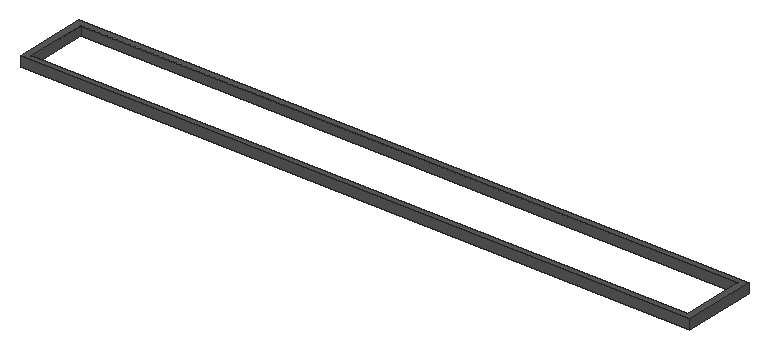
Revit family "FU_Frame_LAP0050", category Furniture, Revit 2022
Family settings
  OmniClass Number = 23.40.20.00
  OmniClass Title = General Furniture and Specialties
  Work Plane-Based = No
  Always vertical = Yes
  Cut with Voids When Loaded = No
  Render Appearance Source = Family Geometry
  Shared = No
  Room Calculation Point = No
Parameters (values of type "LAP0050")
  Width = 3450 mm
  URL = "https://www.sandlerseating.com/product/lapse-0050-2/"
  Model = "LAP0050"
  Manufacturer = "Sandler"
  Height = 50 mm
  Frame [instance] = Epoxy - M1_B00 - Black
  Description = "5-seat frame in the Lapse modular seating range that can be customized with a variety of modular elements and epoxy finishes."
  Depth = 380 mm
  Default Elevation = 0 mm
Reference planes
  plane 1 "Center (Front/Back)": y = 0
  plane 2: z = 0
  plane 3 "Center (Left/Right)": x = 0
  plane 4 "Right": x = -1725
  plane 5 "Left": x = 1725
  plane 6 "Back": y = 190
  plane 7 "Front": y = -190
  plane 8 "Height": z = 333
  plane 9 "Frame Base": z = 283
  plane 10 "Frame Inner Right": x = -1695
  plane 11 "Frame Inner Back": y = 160
  plane 12 "Frame Inner Left": x = 1695
  plane 13 "Frame Inner Front": y = -160
Forms (mm)
  Extrusion 1, solid, material "Epoxy - M1_B00 - Black" <- "Frame"
    sketch origin (0, 0, 283) x (-1, 0, 0) y (0, -1, 0)
      loop
        line (1725, -190) -> (1725, 190) -> (-1725, 190) -> (-1725, -190) -> (1725, -190)
      loop
        line (1695, -160) -> (1695, 160) -> (-1695, 160) -> (-1695, -160) -> (1695, -160)
    from 0 to 50
Dimensions and locks
  equal spacing: plane 4 "Right", plane 3 "Center (Left/Right)", plane 5 "Left"
  "Width": plane 4 "Right" to plane 5 "Left"
  equal spacing: plane 6 "Back", plane 1 "Center (Front/Back)", plane 7 "Front"
  "Depth": plane 6 "Back" to plane 7 "Front"
  plane 8 "Height" to level = 333 mm
  "Height": plane 8 "Height" to plane 9 "Frame Base"
  locked: plane 13 "Frame Inner Front" to plane 7 "Front" at 30
  locked: plane 4 "Right" to plane 10 "Frame Inner Right" at 30
  locked: plane 12 "Frame Inner Left" to plane 5 "Left" at 30
  locked: plane 6 "Back" to plane 11 "Frame Inner Back" at 30
  aligned and locked: Extrusion 1 sketch curve to plane 6 "Back"
  aligned and locked: Extrusion 1 sketch curve to plane 4 "Right"
  aligned and locked: plane 7 "Front" to Extrusion 1 sketch curve
  aligned and locked: plane 5 "Left" to Extrusion 1 sketch curve
  aligned and locked: Extrusion 1 sketch curve to plane 11 "Frame Inner Back"
  aligned and locked: plane 10 "Frame Inner Right" to Extrusion 1 sketch curve
  aligned and locked: Extrusion 1 sketch curve to plane 13 "Frame Inner Front"
  aligned and locked: plane 12 "Frame Inner Left" to Extrusion 1 sketch curve
  aligned and locked: Extrusion 1 to plane 8 "Height"  (x4)
  aligned and locked: Extrusion 1 to plane 9 "Frame Base"
  aligned and locked: plane 9 "Frame Base" to Extrusion 1  (x2)
